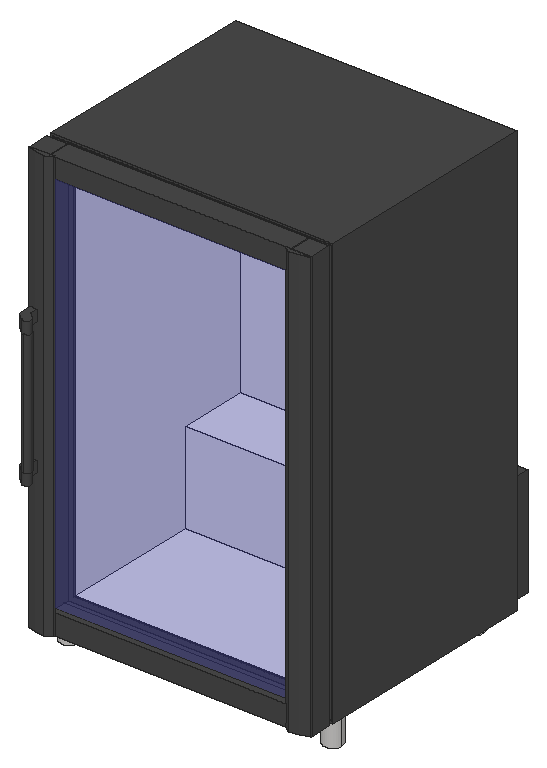
Revit family "QF_Turbo Air_TGM-7SD065cbafe-7bbb-4acb-adf6-dd82126ccbe2", category Specialty Equipment, Revit 2012
Parameters (values of type "Black")
  Width = 2' - 1"  # constant formula
  Weight in Pounds = 202
  Watermarked By = "http://revitwatermark.com"
  Volts = 115 V
  URL Cutsheet = ""
  URL = "www.turboairinc.com"
  Status [instance] = ""
  Specification by User [instance] = ""
  Specification by Manufacturer [instance] = ""
  Serial Number [instance] = ""
  Revision Code [instance] = ""
  Phase = 1
  Number of Poles [instance] = 1
  NAFEM Spec ID Number [instance] = ""
  Model = "TGM-7SDB"
  Masterspec [instance] = ""
  Manufacturer = "Turbo Air"  # constant formula
  Item Number [instance] = "-"
  Installed By [instance] = ""
  Height = 3' - 4 3/8"  # constant formula
  HP = "1/7"
  Furnished By [instance] = ""
  Foodservice Equipment Identifier = yes
  FL Amps = 3.5 A
  Electrical Remarks [instance] = ""
  Electric Connection Type [instance] = ""
  Elec Conn RI Height [instance] = 0' - 0"
  Elec Conn Connection Height = 0' - 2 11/16"
  Door Material = QF_Finishes_Black
  Description = "Refrigerator Merchandiser"
  Depth = 1' - 10 13/16"  # constant formula
  Cycle = 60 Hz
  Conn Plug = "NEMA 5-15P"
  CSI MasterFormat = "11 41 13"
  Body Material = QF_Finishes_Black
  Assembly Code = "E1090320"
  Apparent Power = if(Phase = 3, Volts * FL Amps * 1.73, Volts * FL Amps)  # 402.5 VA
Types (4): name | Model | Door Material | Body Material
  (no name) | "TGM-7SDB" | QF_Finishes_Black | QF_Finishes_Black
  Black | "TGM-7SDB" | QF_Finishes_Black | QF_Finishes_Black
  White | "TGM-7SDW" | QF_Finishes_White | QF_Finishes_White
  White - Wine | "TGM-7SDV" | QF_Finishes_Anodized - Red | QF_Finishes_White
Reference planes (in)
  plane 1 "BACK": y = -1.9375
  plane 2: z = 0
  plane 3 "LEFT": x = -20.72594
  plane 4 "RIGHT": x = 4.27406
  plane 5 "FRONT": y = -29.375
  plane 6 "Back of Box": y = -4.3125
  plane 7 "Front of Door": y = -27.125
  plane 8 "TOP": z = 40.375
  plane 9 "Bottom": z = 2.25
  plane 10 "Top of Back": z = 12.0625
  plane 11 "Front of Box": y = -24.75
Forms (in)
  Extrusion 1, solid, material "QF_Finishes_Black" <- "Body Material"
    sketch origin (0, -4.3125, 0) x (1, 0, 0) y (0, 0, 1)
      loop
        line (-20.72594, 2.25) -> (4.27406, 2.25) -> (4.27406, 40.375) -> (-20.72594, 40.375) -> (-20.72594, 2.25)
      loop
        line (-20.60094, 40.25) -> (-20.60094, 2.375) -> (4.14906, 2.375) -> (4.14906, 40.25) -> (-20.60094, 40.25)
    from 0 to 20.4375
  Extrusion 2, solid, material "QF_Finishes_Black" <- "Body Material"
    sketch origin (0, -4.3125, 0) x (1, 0, 0) y (0, 0, 1)
      loop
        line (-20.60094, 40.25) -> (-20.60094, 2.375) -> (4.14906, 2.375) -> (4.14906, 40.25) -> (-20.60094, 40.25)
    from 0 to 0.125
  Extrusion 3, solid, material "QF_Finishes_Black" <- "Body Material"
    sketch origin (0, -24.75, 0) x (1, 0, 0) y (0, 0, 1)
      loop
        line (-18.72594, 38.375) -> (-18.72594, 4.25) -> (2.27406, 4.25) -> (2.27406, 38.375) -> (-18.72594, 38.375)
      loop
        line (-20.60094, 40.25) -> (-20.60094, 2.375) -> (4.14906, 2.375) -> (4.14906, 40.25) -> (-20.60094, 40.25)
    from 0 to -0.125
  Extrusion 4, solid, material "QF_Finishes_White"
    sketch origin (-20.72594, 0, 0) x (0, 1, 0) y (0, 0, 1)
      loop
        line (-24.625, 2.375) -> (-10.5625, 2.375) -> (-10.5625, 10.5) -> (-4.4375, 10.5) -> (-4.4375, 40.25) -> (-24.625, 40.25) -> (-24.625, 38.375) -> (-6.3125, 38.375) -> (-6.3125, 12.375) -> (-12.4375, 12.375) -> (-12.4375, 4.25) -> (-24.625, 4.25) -> (-24.625, 2.375)
    from 0.125 to 24.875
  Extrusion 5, solid, material "QF_Finishes_White"
    sketch origin (-20.72594, 0, 0) x (0, 1, 0) y (0, 0, 1)
      loop
        line (-24.625, 4.25) -> (-12.4375, 4.25) -> (-12.4375, 12.375) -> (-6.3125, 12.375) -> (-6.3125, 38.375) -> (-24.625, 38.375) -> (-24.625, 4.25)
    from 0.125 to 2
  Extrusion 6, solid, material "QF_Finishes_White"
    sketch origin (4.27406, 0, 0) x (0, 1, 0) y (0, 0, 1)
      loop
        line (-24.625, 4.25) -> (-12.4375, 4.25) -> (-12.4375, 12.375) -> (-6.3125, 12.375) -> (-6.3125, 38.375) -> (-24.625, 38.375) -> (-24.625, 4.25)
    from -0.125 to -2
  Extrusion 7, solid, material "QF_Finishes_Black" <- "Body Material"
    sketch origin (0, 0, 2.25) x (0, 1, 0) y (-1, 0, 0)
      loop
        line (-1.9375, 19.72594) -> (-4.3125, 19.72594) -> (-4.3125, -3.27406) -> (-1.9375, -3.27406) -> (-1.9375, 19.72594)
    from 0 to 9.8125
  Extrusion 8, solid, material "QF_Finishes_Black"
    sketch origin (0, -24.75, 0) x (1, 0, 0) y (0, 0, 1)
      loop
        line (-19.41344, 39.0625) -> (-19.41344, 3.5625) -> (2.96156, 3.5625) -> (2.96156, 39.0625) -> (-19.41344, 39.0625)
      loop
        line (-19.53844, 39.1875) -> (-19.53844, 3.4375) -> (3.08656, 3.4375) -> (3.08656, 39.1875) -> (-19.53844, 39.1875)
    from 0 to 0.4375
  Extrusion 9, solid, material "QF_Finishes_Stainless Steel"
    sketch origin (0, 0, 0) x (1, 0, 0) y (0, 1, 0)
      loop
        circle (-19.91344, -23.75) r 0.8125
      loop
        circle (3.46156, -23.75) r 0.8125
      loop
        circle (-17.60094, -5.125) r 0.8125
      loop
        circle (1.14906, -5.125) r 0.8125
    from 0 to 2.25
  Extrusion 10, solid, material "QF_Finishes_Black" <- "Body Material"
    sketch origin (0, -1.9375, 0) x (1, 0, 0) y (0, 0, 1)
      loop
        circle (1.27406, 2.6875) r 0.25
    from 0 to -0.0625
Lines and regions (in)
  symbolic lines
    curve 1: line (-20.72594, -4.3125, 0) -> (4.27406, -4.3125, 0)
    curve 2: line (-20.72594, -24.75, 0) -> (-20.72594, -4.3125, 0)
    curve 3: line (4.27406, -24.75, 0) -> (-20.72594, -24.75, 0)
    curve 4: line (4.27406, -4.3125, 0) -> (4.27406, -24.75, 0)
    curve 5: line (-19.72594, -4.3125, 0) -> (-19.72594, -1.9375, 0)
    curve 6: line (-19.72594, -1.9375, 0) -> (3.27406, -1.9375, 0)
    curve 7: line (3.27406, -1.9375, 0) -> (3.27406, -4.3125, 0)
    curve 8: line (-19.53844, -24.75, 0) -> (-19.53844, -25.1875, 0)
    curve 9: line (3.08656, -25.1875, 0) -> (3.08656, -24.75, 0)
  symbolic lines, style "QF_Clearances", detail levels coarse
    curve 10: line (4.27406, -52.125, 0) -> (4.27406, -27.125, 0)
    curve 11: arc (-20.72594, -27.125, 0) -> (-13.40361, -44.80267, 0) -> (4.27406, -52.125, 0) r 25
Dimensions and locks (in)
  "Width": plane 4 "RIGHT" to plane 3 "LEFT"
  locked: plane 6 "Back of Box" to plane 1 "BACK" at 2.375
  "Depth": plane 7 "Front of Door" to plane 6 "Back of Box"
  locked: plane 5 "FRONT" to plane 7 "Front of Door" at 2.25
  locked: plane 9 "Bottom" to level at 2.25
  "Height": plane 8 "TOP" to level
  locked: plane 10 "Top of Back" to plane 9 "Bottom" at 9.8125
  locked: plane 7 "Front of Door" to plane 11 "Front of Box" at 2.375
  locked: plane 8 "TOP" to Extrusion 1 sketch curve at 0.125
  locked: Extrusion 1 sketch curve to plane 3 "LEFT" at 0.125
  locked: Extrusion 1 sketch curve to plane 9 "Bottom" at 0.125
  locked: Extrusion 1 sketch curve to plane 4 "RIGHT" at 0.125
  locked: Extrusion 3 sketch curve to plane 3 "LEFT" at 2
  locked: plane 8 "TOP" to Extrusion 3 sketch curve at 2
  locked: Extrusion 3 sketch curve to plane 4 "RIGHT" at 2
  locked: Extrusion 3 sketch curve to plane 9 "Bottom" at 2
  locked: plane 11 "Front of Box" to Extrusion 4 sketch curve at 0.125  (x2)
  locked: Extrusion 4 sketch curve to plane 6 "Back of Box" at 0.125
  locked: Extrusion 4 sketch curve to plane 8 "TOP" at 0.125
  locked: plane 9 "Bottom" to Extrusion 4 sketch curve at 0.125
  locked: Extrusion 4 sketch curve to Extrusion 4 sketch curve at 1.875  (x5)
  locked: Extrusion 4 sketch curve to plane 9 "Bottom" at 8.25
  locked: Extrusion 4 sketch curve to plane 6 "Back of Box" at 6.25
  locked: plane 11 "Front of Box" to Extrusion 5 sketch curve at 0.125
  locked: plane 8 "TOP" to Extrusion 5 sketch curve at 2
  locked: Extrusion 5 sketch curve to plane 6 "Back of Box" at 2
  locked: plane 9 "Bottom" to Extrusion 5 sketch curve at 10.125
  locked: Extrusion 5 sketch curve to plane 6 "Back of Box" at 8.125
  locked: plane 9 "Bottom" to Extrusion 5 sketch curve at 2
  locked: plane 8 "TOP" to Extrusion 6 sketch curve at 2
  locked: plane 9 "Bottom" to Extrusion 6 sketch curve at 2
  locked: Extrusion 6 sketch curve to plane 6 "Back of Box" at 8.125
  locked: plane 9 "Bottom" to Extrusion 6 sketch curve at 10.125
  locked: Extrusion 6 sketch curve to plane 6 "Back of Box" at 2
  locked: plane 11 "Front of Box" to Extrusion 6 sketch curve at 0.125
  locked: plane 3 "LEFT" to Extrusion 7 sketch curve at 1
  locked: Extrusion 7 sketch curve to plane 4 "RIGHT" at 1
  locked: Extrusion 8 sketch curve to Extrusion 8 sketch curve at 0.125  (x4)
  locked: Extrusion 8 sketch curve to plane 9 "Bottom" at 1.1875
  locked: Extrusion 8 sketch curve to plane 3 "LEFT" at 1.1875
  locked: plane 8 "TOP" to Extrusion 8 sketch curve at 1.1875
  locked: Extrusion 8 sketch curve to plane 4 "RIGHT" at 1.1875
  locked: Extrusion 10 sketch curve to plane 9 "Bottom" at 0.4375
  locked: plane 4 "RIGHT" to Extrusion 10 sketch curve at 3
  aligned and locked: level to plane 2
  aligned and locked: plane 9 "Bottom" to Extrusion 1 sketch curve
  aligned and locked: Extrusion 1 sketch curve to plane 4 "RIGHT"
  aligned and locked: plane 3 "LEFT" to Extrusion 1 sketch curve
  aligned and locked: Extrusion 1 sketch curve to plane 8 "TOP"
  aligned and locked: plane 11 "Front of Box" to Extrusion 1
  aligned and locked: Extrusion 2 sketch curve to Extrusion 1  (x4)
  aligned and locked: Extrusion 3 sketch curve to Extrusion 1  (x4)
  aligned and locked: Extrusion 4 to Extrusion 1  (x2)
  aligned and locked: Extrusion 5 to Extrusion 1
  aligned and locked: Extrusion 1 to Extrusion 6
  aligned and locked: Extrusion 7 sketch curve to plane 6 "Back of Box"
  aligned and locked: plane 1 "BACK" to Extrusion 7 sketch curve
  aligned and locked: plane 10 "Top of Back" to Extrusion 7
  aligned and locked: plane 3 "LEFT" to nested 1
  aligned and locked: plane 4 "RIGHT" to nested 1
  aligned and locked: plane 7 "Front of Door" to nested 1
  aligned and locked: nested 1 to plane 9 "Bottom"
  aligned and locked: plane 9 "Bottom" to Extrusion 9
  aligned and locked: plane 6 "Back of Box" to curve 1
  aligned and locked: plane 3 "LEFT" to curve 2
  aligned and locked: curve 3 to plane 11 "Front of Box"
  aligned and locked: curve 4 to plane 4 "RIGHT"
  aligned and locked: plane 1 "BACK" to curve 6
  aligned and locked: curve 5 to Extrusion 7
  aligned and locked: curve 7 to Extrusion 7
  aligned and locked: curve 8 to Extrusion 8
  aligned and locked: curve 9 to Extrusion 8
Automatic sketch dimensions
  plane 6 "Back of Box" to Extrusion 9 sketch curve = 0' - 0 13/16"  (x2)
  plane 3 "LEFT" to Extrusion 9 sketch curve = 0' - 3 1/8"
  plane 3 "LEFT" to Extrusion 9 sketch curve = 0' - 0 13/16"
  Extrusion 9 sketch curve to plane 4 "RIGHT" = 0' - 3 1/8"
  Extrusion 9 sketch curve to plane 4 "RIGHT" = 0' - 0 13/16"
  Extrusion 9 sketch curve to plane 11 "Front of Box" = 0' - 1"  (x2)
  curve 11 to plane 3 "LEFT" = 0' - 0"
  curve 10 to plane 4 "RIGHT" = 0' - 0"
  plane 7 "Front of Door" to curve 11 = 0' - 0"
  plane 7 "Front of Door" to curve 10 = 0' - 0"
  plane 11 "Front of Box" to curve 9 = 0' - 0 7/16"
  plane 11 "Front of Box" to curve 8 = 0' - 0 7/16"
  radius of Extrusion 9 sketch curve = 0' - 0 13/16"  (x4)
  radius of Extrusion 10 sketch curve = 0' - 0 1/4"
Nested families (in)
  nested 1: "QF_Turbo Air_RI_Merch-Door" at (-5.54927, -25.1875, 2.25), Handle Material <- "Door Material", Door Frame Top Material <- "Door Material", Door Frame Sides Material <- "Door Material", Door Frame Bottom Material <- "Door Material", type "QF_Turbo Air_RI_Merch-Door"
    with Width 2' - 1", Symbolic Lines yes, Height 3' - 2 1/8", Handle Material QF_Finishes_Black, Door Frame Top Material QF_Finishes_Black, Door Frame Sides Material QF_Finishes_Black, Door Frame Bottom Material QF_Finishes_Black, Depth 0' - 1 15/16", CL Handle Height 1' - 7 1/8"
Connectors (in)
  electrical at (1.27406, -1.875, 2.6875), driven by "Number of Poles", driven by "Volts", driven by "Apparent Power"
    settings: on Extrusion 10, index 1, voltage 115 V, apparent load 402.5 VA, apparent load phase1 0 VA, apparent load phase2 0 VA, apparent load phase3 0 VA, power factor 1, load classification "Other", number of poles 1, system type 30, power factor state 1, is connector primary yes, connector utility no, sub classification motor no, connector description "Electric"
Definition of nested family "QF_Turbo Air_RI_Merch-Door"
  Parameters (values of type "QF_Turbo Air_RI_Merch-Door")
    Width [instance] = 2' - 1"
    Watermarked By = "http://revitwatermark.com"
    Symbolic Lines [instance] = yes
    Manufacturer = "Turbo Air"  # constant formula
    Height [instance] = 2' - 6 1/2"
    Handle Material [instance] = QF_Finishes_Stainless Steel
    Door Frame Top Material [instance] = QF_Finishes_Stainless Steel
    Door Frame Sides Material [instance] = QF_Finishes_Stainless Steel
    Door Frame Bottom Material [instance] = QF_Finishes_Stainless Steel
    Depth [instance] = 0' - 1 15/16"
    CL Handle Height [instance] = 1' - 3 3/16"
  Reference planes (in)
    plane 1 "BACK": y = 0
    plane 2: z = 0
    plane 3 "LEFT": x = -15.17667
    plane 4: x = 9.82333
    plane 5 "FRONT": y = -1.9375
    plane 6: z = 30.5
    plane 7 "Top of Handle": z = 21.6875
    plane 8 "Bottom of Handle": z = 8.6875
    plane 9 "Center of Handle": z = 15.1875
    plane 10: x = -13.36417
    plane 11: x = 8.01083
    plane 12: z = 28.6875
    plane 13: z = 1.8125
    plane 14: z = 20.6875
    plane 15: z = 9.6875
  Forms (in)
    Extrusion 1, solid, material "QF_Finishes_Stainless Steel" <- "Door Frame Sides Material"
      sketch origin (0, 0, 0) x (1, 0, 0) y (0, 0, 1)
        loop
          line (-15.17667, 30.5) -> (-15.17667, 0) -> (-13.36417, 0) -> (-13.36417, 30.5) -> (-15.17667, 30.5)
        loop
          line (9.82333, 0) -> (9.82333, 30.5) -> (8.01083, 30.5) -> (8.01083, 0) -> (9.82333, 0)
      from 0 to 1.9375
    Extrusion 2, solid, material "QF_Finishes_Glass"
      sketch origin (0, 0, 0) x (1, 0, 0) y (0, 0, 1)
        loop
          line (-13.36417, 28.6875) -> (-13.36417, 1.8125) -> (8.01083, 1.8125) -> (8.01083, 28.6875) -> (-13.36417, 28.6875)
      from 0.5 to 1.4375
    Extrusion 3, solid, material "QF_Finishes_Stainless Steel" <- "Handle Material"
      sketch origin (0, 0, 8.6875) x (0, 1, 0) y (-1, 0, 0)
        loop
          circle (-3.8125, 13.92667) r 0.375
      from 1 to 12
    Extrusion 4, solid, material "QF_Finishes_Stainless Steel" <- "Handle Material"
      sketch origin (0, 0, 8.6875) x (0, 1, 0) y (-1, 0, 0)
        loop
          line (-1.9375, 14.86417) -> (-3.25, 14.86417)
          arc (-3.25, 14.86417) -> (-3.39351, 14.83562) -> (-3.51517, 14.75433) r 0.375
          line (-3.51517, 14.75433) -> (-4.07767, 14.19183)
          arc (-4.07767, 14.19183) -> (-4.07767, 13.6615) -> (-3.54733, 13.6615) r 0.375
          line (-3.54733, 13.6615) -> (-2.90717, 14.30167) -> (-1.9375, 14.30167) -> (-1.9375, 14.86417)
      from 0 to 1
    Extrusion 5, solid, material "QF_Finishes_Stainless Steel" <- "Handle Material"
      sketch origin (0, 0, 21.6875) x (0, 1, 0) y (-1, 0, 0)
        loop
          line (-1.9375, 14.86417) -> (-3.25, 14.86417)
          arc (-3.25, 14.86417) -> (-3.39351, 14.83562) -> (-3.51517, 14.75433) r 0.375
          line (-3.51517, 14.75433) -> (-4.07767, 14.19183)
          arc (-4.07767, 14.19183) -> (-4.07767, 13.6615) -> (-3.54733, 13.6615) r 0.375
          line (-3.54733, 13.6615) -> (-2.90717, 14.30167) -> (-1.9375, 14.30167) -> (-1.9375, 14.86417)
      from 0 to -1
    Extrusion 6, solid, material "QF_Finishes_Stainless Steel" <- "Door Frame Top Material"
      sketch origin (0, 0, 0) x (1, 0, 0) y (0, 0, 1)
        loop
          line (-13.36417, 30.5) -> (-13.36417, 28.6875) -> (8.01083, 28.6875) -> (8.01083, 30.5) -> (-13.36417, 30.5)
      from 0 to 1.9375
    Extrusion 7, solid, material "QF_Finishes_Stainless Steel" <- "Door Frame Bottom Material"
      sketch origin (0, 0, 0) x (1, 0, 0) y (0, 0, 1)
        loop
          line (-13.36417, 1.8125) -> (-13.36417, 0) -> (8.01083, 0) -> (8.01083, 1.8125) -> (-13.36417, 1.8125)
      from 0 to 1.9375
    Extrusion 8, solid, material "QF_Finishes_Stainless Steel" <- "Door Frame Sides Material"
      sketch origin (0, 0, 0) x (1, 0, 0) y (0, 1, 0)
        loop
          line (-15.17667, -1.9375) -> (-15.17667, -2.0625)
          arc (-15.17667, -2.0625) -> (-14.37599, -2.28021) -> (-13.55167, -2.375) r 5.5
          line (-13.55167, -2.375) -> (-12.98917, -2) -> (-12.98917, -1.9375) -> (-15.17667, -1.9375)
      from 0 to 30.5
    Extrusion 9, solid, material "QF_Finishes_Stainless Steel" <- "Door Frame Sides Material"
      sketch origin (25, 0, 0) x (1, 0, 0) y (0, 1, 0)
        loop
          line (-15.17667, -1.9375) -> (-17.36417, -1.9375) -> (-17.36417, -2) -> (-16.80167, -2.375)
          arc (-16.80167, -2.375) -> (-15.97735, -2.28021) -> (-15.17667, -2.0625) r 5.5
          line (-15.17667, -2.0625) -> (-15.17667, -1.9375)
      from 0 to 30.5
  Lines and regions (in)
    symbolic lines, visible <- "Symbolic Lines"
      curve 1: line (-15.17667, 0, 8.6875) -> (9.82333, 0, 8.6875)
      curve 2: line (-15.17667, -1.9375, 8.6875) -> (-15.17667, 0, 8.6875)
      curve 3: line (9.82333, -1.9375, 8.6875) -> (-15.17667, -1.9375, 8.6875)
      curve 4: line (9.82333, 0, 8.6875) -> (9.82333, -1.9375, 8.6875)
      curve 11: line (-15.17667, -1.9375, 0) -> (-15.17667, -2.0625, 0)
      curve 12: arc (-15.17667, -2.0625, 0) -> (-14.37599, -2.28021, 0) -> (-13.55167, -2.375, 0) r 5.5
      curve 13: line (-13.55167, -2.375, 0) -> (-12.98917, -2, 0)
      curve 14: line (-12.98917, -2, 0) -> (-12.98917, -1.9375, 0)
      curve 15: line (7.63583, -1.9375, 0) -> (7.63583, -2, 0)
      curve 16: line (7.63583, -2, 0) -> (8.19833, -2.375, 0)
      curve 17: arc (8.19833, -2.375, 0) -> (9.02265, -2.28021, 0) -> (9.82333, -2.0625, 0) r 5.5
      curve 18: line (9.82333, -2.0625, 0) -> (9.82333, -1.9375, 0)
    symbolic lines
      curve 5: line (-14.86417, -2.163, 8.6875) -> (-14.86417, -3.25, 8.6875)
      curve 6: arc (-14.86417, -3.25, 8.6875) -> (-14.83562, -3.39351, 8.6875) -> (-14.75433, -3.51517, 8.6875) r 0.375
      curve 7: line (-14.75433, -3.51517, 8.6875) -> (-14.19183, -4.07767, 8.6875)
      curve 8: arc (-14.19183, -4.07767, 8.6875) -> (-13.6615, -4.07767, 8.6875) -> (-13.6615, -3.54733, 8.6875) r 0.375
      curve 9: line (-13.6615, -3.54733, 8.6875) -> (-14.30167, -2.90717, 8.6875)
      curve 10: line (-14.30167, -2.90717, 8.6875) -> (-14.30167, -2.29398, 8.6875)
  Dimensions and locks (in)
    "Width": plane 4 to plane 3 "LEFT"
    "Depth": plane 5 "FRONT" to plane 1 "BACK"
    "Height": plane 6 to plane 2
    locked: plane 7 "Top of Handle" to plane 8 "Bottom of Handle" at 13
    equal spacing: plane 7 "Top of Handle", plane 9 "Center of Handle", plane 8 "Bottom of Handle"
    locked: plane 13 to level at 1.8125
    locked: plane 6 to plane 12 at 1.8125
    locked: plane 3 "LEFT" to plane 10 at 1.8125
    locked: plane 11 to plane 4 at 1.8125
    locked: plane 1 "BACK" to Extrusion 2 at 0.5
    locked: Extrusion 2 to plane 5 "FRONT" at 0.5
    "CL Handle Height": plane 9 "Center of Handle" to level
    locked: plane 7 "Top of Handle" to plane 14 at 1
    locked: plane 15 to plane 8 "Bottom of Handle" at 1
    locked: plane 3 "LEFT" to Extrusion 3 sketch curve at 1.25
    locked: Extrusion 3 sketch curve to plane 5 "FRONT" at 1.875
    locked: Extrusion 4 sketch curve to Extrusion 4 sketch curve at 0.5625
    locked: plane 3 "LEFT" to Extrusion 4 sketch curve at 0.3125
    locked: Extrusion 4 sketch curve to plane 5 "FRONT" at 1.3125
    locked: Extrusion 4 sketch curve to plane 5 "FRONT" at 0.96967
    locked: Extrusion 4 sketch curve to plane 5 "FRONT" at 1.57767
    locked: plane 3 "LEFT" to Extrusion 4 sketch curve at 0.42233
    locked: Extrusion 5 sketch curve to Extrusion 5 sketch curve at 0.5625
    locked: plane 3 "LEFT" to Extrusion 8 sketch curve at 2.1875
    locked: Extrusion 8 sketch curve to plane 5 "FRONT" at 0.125
    locked: Extrusion 8 sketch curve to plane 5 "FRONT" at 0.0625
    locked: plane 3 "LEFT" to Extrusion 8 sketch curve at 1.625
    locked: Extrusion 8 sketch curve to plane 5 "FRONT" at 0.4375
    locked: Extrusion 9 sketch curve to plane 4 at 2.1875
    locked: Extrusion 9 sketch curve to plane 4 at 1.625
    locked: Extrusion 9 sketch curve to plane 5 "FRONT" at 0.0625
    locked: Extrusion 9 sketch curve to plane 5 "FRONT" at 0.4375
    locked: Extrusion 9 sketch curve to plane 5 "FRONT" at 0.125
    aligned and locked: level to plane 2
    aligned and locked: Extrusion 1 sketch curve to plane 6
    aligned and locked: plane 3 "LEFT" to Extrusion 1 sketch curve
    aligned and locked: level to Extrusion 1 sketch curve
    aligned and locked: Extrusion 1 sketch curve to plane 4
    aligned and locked: plane 5 "FRONT" to Extrusion 1
    aligned and locked: plane 10 to Extrusion 1 sketch curve
    aligned and locked: Extrusion 1 sketch curve to plane 11
    aligned and locked: Extrusion 2 sketch curve to plane 12
    aligned and locked: plane 10 to Extrusion 2 sketch curve
    aligned and locked: Extrusion 2 sketch curve to plane 11
    aligned and locked: plane 13 to Extrusion 2 sketch curve
    aligned and locked: plane 3 "LEFT" to curve 2
    aligned and locked: plane 1 "BACK" to curve 1
    aligned and locked: curve 4 to plane 4
    aligned and locked: curve 3 to plane 5 "FRONT"
    aligned and locked: Extrusion 3 to plane 15
    aligned and locked: plane 14 to Extrusion 3
    aligned and locked: Extrusion 4 sketch curve to Extrusion 3
    aligned and locked: plane 5 "FRONT" to Extrusion 4 sketch curve
    aligned and locked: plane 15 to Extrusion 4
    aligned and locked: Extrusion 5 to plane 14
    aligned and locked: Extrusion 5 to curve 5
    aligned and locked: curve 6 to Extrusion 5
    aligned and locked: curve 8 to Extrusion 5
    aligned and locked: curve 10 to Extrusion 5
    aligned and locked: Extrusion 6 sketch curve to plane 6
    aligned and locked: plane 12 to Extrusion 6 sketch curve
    aligned and locked: Extrusion 6 sketch curve to plane 11
    aligned and locked: plane 10 to Extrusion 6 sketch curve
    aligned and locked: plane 5 "FRONT" to Extrusion 6
    aligned and locked: Extrusion 7 sketch curve to plane 13
    aligned and locked: level to Extrusion 7 sketch curve
    aligned and locked: Extrusion 7 sketch curve to plane 11
    aligned and locked: plane 10 to Extrusion 7 sketch curve
    aligned and locked: plane 5 "FRONT" to Extrusion 7
    aligned and locked: plane 5 "FRONT" to Extrusion 8 sketch curve
    aligned and locked: Extrusion 8 sketch curve to plane 3 "LEFT"
    aligned and locked: plane 6 to Extrusion 8
    aligned and locked: Extrusion 9 sketch curve to plane 5 "FRONT"
    aligned and locked: Extrusion 9 sketch curve to plane 4
    aligned and locked: plane 6 to Extrusion 9
    aligned and locked: curve 11 to Extrusion 8
    aligned and locked: curve 12 to Extrusion 8
    aligned and locked: curve 13 to Extrusion 8
    aligned and locked: curve 14 to Extrusion 8
    aligned and locked: curve 15 to Extrusion 9
    aligned and locked: curve 16 to Extrusion 9
    aligned and locked: curve 17 to Extrusion 9
    aligned and locked: curve 18 to Extrusion 9
  Automatic sketch dimensions
    plane 10 to Extrusion 8 sketch curve = 0' - 0.02684"
    Extrusion 1 sketch curve to level = 0' - 0"
    Extrusion 1 sketch curve to plane 6 = 0' - 0"
    Extrusion 4 sketch curve to Extrusion 4 sketch curve = 0' - 0.26517"
    Extrusion 4 sketch curve to plane 10 = 0' - 0.29733"
    plane 5 "FRONT" to Extrusion 5 sketch curve = 0' - 0"
    plane 5 "FRONT" to Extrusion 5 sketch curve = 0' - 0.96967"
    plane 3 "LEFT" to Extrusion 5 sketch curve = 0' - 0 5/16"
    Extrusion 5 sketch curve to Extrusion 5 sketch curve = 0' - 0.34283"
    plane 3 "LEFT" to Extrusion 5 sketch curve = 0' - 0.42233"
    Extrusion 5 sketch curve to Extrusion 5 sketch curve = 0' - 0.26517"  (x4)
    Extrusion 5 sketch curve to plane 10 = 0' - 0.29733"
    Extrusion 5 sketch curve to Extrusion 5 sketch curve = 0' - 0.29733"
    Extrusion 9 sketch curve to plane 11 = 0' - 0.02684"
    plane 5 "FRONT" to curve 11 = 0' - 0"
    plane 5 "FRONT" to curve 14 = 0' - 0"
    plane 5 "FRONT" to curve 15 = 0' - 0"
    plane 5 "FRONT" to curve 18 = 0' - 0"
    curve 7 to plane 10 = 0' - 0.82767"
    curve 8 to plane 10 = 0' - 0.29733"
    plane 3 "LEFT" to curve 7 = 0' - 0.42233"
    curve 6 to curve 10 = 0' - 0.34283"
    plane 5 "FRONT" to curve 10 = 0' - 0.35648"
    plane 5 "FRONT" to curve 5 = 0' - 0.2255"
    radius of Extrusion 3 sketch curve = 0' - 0 3/8"
